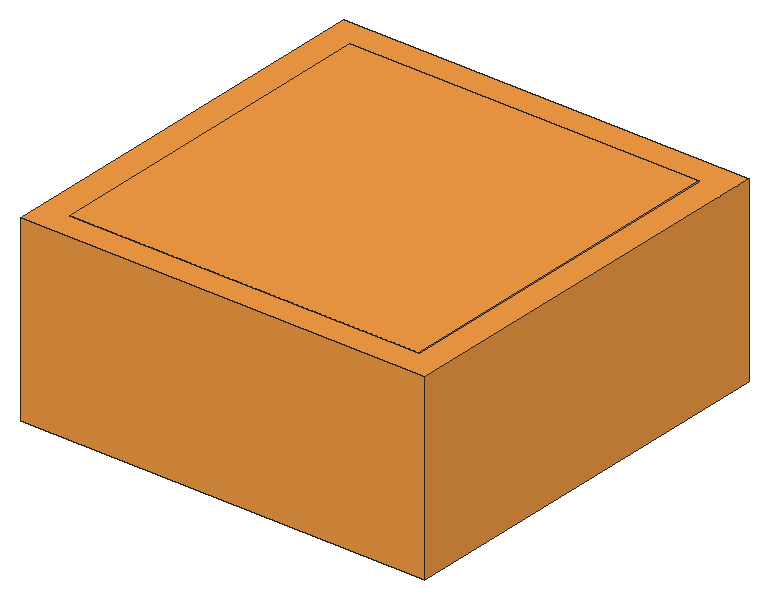
Revit family "Detector óptico_Aguilera Electronica", category Dispositivos de alarma de incendios, Revit 2019
Family settings
  Anfitrión = Cara
  Mantener orientación de anotación = Sí
  Cota de conector redondo = Diámetro de uso
  Tipo de pieza = Normal
  Número OmniClass = 23.85.30.21.11.11.11
  Título OmniClass = Smoke Detectors
  Corte con vacíos al cargar = No
  Compartido = No
  Punto de cálculo de habitación = No
Parameters (values of type "Detector óptico")
  Zona de acción 80 m2 = yes
  Zona de acción 60 m2 = yes
  Símbolo texto modelo = yes
  Suplemento para superficie = no
  Sirena = no
  R2 = D2 / 2  # 49 mm
  Foco = no
  D2 = 98 mm
  Avisador acústico = no
  Altura 3 = 15 mm
  Altura 2 = 1 mm
  URL = "http://aguilera.es/?productos=detector-optico"
  Modelo = "AE/SA-OP"
  Fabricante = "Aguilera Electrónica"  # constant formula
  Default Elevation = 0 mm
  Diámetro = 106 mm
  Descripción = "Detector de humos fabricado por AGUILERA ELECTRÓNICA según norma UNE EN 54-7, con certificado de\r\nconformidad CE y marca de calidad AENOR.\r\nUnidad algorítmica direccionable que gestiona un sensor óptico de humos. Su función es tomar medidas\r\nde la luz que dispersan las partículas de humo, evaluar su densidad y porcentaje de incremento en tiempo\r\ny enviar a la central una información ya analizada para que ésta tome la decisión de alarma siempre que\r\nse alcancen los parámetros programados para cada caso.\r\n• Tecnología compartida con la central.\r\n• Diseño de ventilación natural, que facilita la captación de humos lentos.\r\n• Ajuste automático de sensibilidad.\r\n• Autoaislador del equipo incorporado.\r\n• Salida para alarma remota.\r\n• Conexión a 2 hilos.\r\n• Alimentación: entre 18 y 27 Vcc. Consumo: 2 mA en reposo y 5 mA en alarma."  # constant formula
  Type Comments = ""
  Altura 1 = 43 mm
Types (11, lengths in mm): name | Suplemento para superficie | Sirena | R2 | Foco | D2 | Avisador acústico | Altura 2 | URL | Modelo | Type Comments
  (no name) | no | no | 49 | no | 98 | no | 1 | "http://aguilera.es/?productos=detector-optico" | "AE/SA-OP" | ""
  Detector óptico | no | no | 49 | no | 98 | no | 1 | "http://aguilera.es/?productos=detector-optico" | "AE/SA-OP" | ""
  Detector óptico con avisador acústico de alarma | no | no | 49 | no | 98 | yes | 1 | "http://aguilera.es/?productos=detector-optico-con-avisador-acustico-de-alarma" | "AE/SA-OPZ" | "Incorpora un avisador acústico que se activa en caso de alarma del\r\ndetector de humos o si así se ha programado en la central, con la alarma de cualquier equipo de su zona.\r\nIntensidad sonora 85 dB. Consumo máximo en alarma 13 mA."
  Detector óptico con zócalo | no | no | 49 | no | 98 | no | 18 | "http://aguilera.es/?productos=detector-optico" | "AE/SA-OP + AE/SA-ZB2" | "Zócalo fabricado en ABS por AGUILERA ELECTRÓNICA, reciclable con contactos arandelas y tuercas,\r\npara conexión de los cables, en acero inoxidable.\r\nPermiten el intercambio de todos los detectores algorítmicos."
  Detector óptico con avisador acústico de alarma con zócalo | no | no | 49 | no | 98 | yes | 1 | "http://aguilera.es/?productos=detector-optico-con-avisador-acustico-de-alarma" | "AE/SA-OPZ + AE/SA-ZB2" | "Incorpora un avisador acústico que se activa en caso de alarma del\r\ndetector de humos o si así se ha programado en la central, con la alarma de cualquier equipo de su zona.\r\nIntensidad sonora 85 dB. Consumo máximo en alarma 13 mA. Zócalo fabricado en ABS por AGUILERA ELECTRÓNICA, reciclable con contactos arandelas y tuercas,\r\npara conexión de los cables, en acero inoxidable.\r\nPermiten el intercambio de todos los detectores algorítmicos."
  Detector óptico con suplemento para superficie | yes | no | 49 | no | 98 | no | 30 | "http://aguilera.es/?productos=detector-optico" | "AE/SA-OP + AE/SA-ZS" | "Suplemento de montaje para tubo visto. Facilita la instalación permitiendo la entrada de 3 tubos de\r\n20mm.\r\nCompatible con todos los detectores algorítmicos. Fabricado en ABS."
  Detector óptico con avisador acústico de alarma con suplemento para superficie | yes | no | 53 | no | 106 | yes | 30 | "http://aguilera.es/?productos=detector-optico-con-avisador-acustico-de-alarma" | "AE/SA-OPZ + AE/SA-ZS" | "Incorpora un avisador acústico que se activa en caso de alarma del\r\ndetector de humos o si así se ha programado en la central, con la alarma de cualquier equipo de su zona.\r\nIntensidad sonora 85 dB. Consumo máximo en alarma 13 mA. Suplemento de montaje para tubo visto. Facilita la instalación permitiendo la entrada de 3 tubos de\r\n20mm.\r\nCompatible con todos los detectores algorítmicos. Fabricado en ABS."
  Detector óptico con base provista de sirena con foco | no | yes | 49 | yes | 98 | no | 30 | "http://aguilera.es/?productos=detector-optico" | "AE/SA-OP + AE/SA-ASG3" | "Base para detector algorítmico provista de sirena y foco luminoso de bajo consumo. La sirena y el foco se\r\nalimentan a 24 Vcc desde un modulo de salida vigilada de la central algorítmica.\r\nLa conexión del detector se realiza en los propios conectores del zócalo.\r\nConsumo máximo 10 mA\r\nNivel sonoro 90 dB(A)"
  Detector óptico con base provista de sirena | no | yes | 49 | no | 98 | no | 30 | "http://aguilera.es/?productos=detector-optico" | "AE/SA-OP + AE/SA-ASG3S" | "Base para detector algorítmico provista de sirena. La sirena se alimenta a 24 Vcc desde un modulo de salida\r\nvigilada de la central algorítmica.\r\nLa conexión del detector se realiza en los propios conectores del zócalo.\r\nConsumo máximo 5 mA\r\nNivel sonoro 90 dB(A)"
  Detector óptico con zócalo con aislador | no | no | 49 | no | 98 | no | 18 | "http://aguilera.es/?productos=detector-optico" | "AE/SA-OP + AE/SA-ZBA" | "Zócalo para detectores algorítmicos con circuito aislador bidireccional certificado EN 54-17, diseñado para\r\nser utilizado con las centrales de detección de incendio algorítmicas de AGUILERA ELECTRONICA.\r\nEl circuito aislador bidireccional incluido en el zócalo permite aislar cortocircuitos en el cableado del bucle\r\nde detección algorítmico, dejando fuera de servicio la zona afectada entre 2 aisladores para instalaciones\r\nrealizadas en bucle cerrado.\r\nEl circuito aislador incorpora las siguientes funciones:\r\n• Interruptor bidireccional, permite cortar el bucle de forma segura, sin provocar caídas de tensión cuando\r\nda continuidad.\r\n• Detector de tensión. Supervisa la tensión del bucle, impidiendo su funcionamiento hasta que la tensión\r\nno supera el límite inferior fijado.\r\n• Indicador luminoso, se activa cuando se detecta un corto en el bucle, o un consumo de corriente excesivo."
  Detector óptico con base con sirena bajo consumo | no | yes | 52 | no | 104 | no | 40 | "http://aguilera.es/?productos=detector-optico" | "AE/SA-OP + AE/SA-SB" | "El equipo AE/SA-SB es una sirena para conectar al bucle algorítmico, que dispone de las siguientes\r\ncaracterísticas:\r\n• Conexión a base de detectores de sistema algorítmico AE/SA-ZB2.\r\n• Incluye base para inserción de detectores algorítmicos de la serie SA de Aguilera:\r\nAE/SA-OP, AE/SA-OPT y AE/SA-T\r\n• Conexión a bucle algorítmico, ocupando 1 dirección. Totalmente programable como una salida\r\nindependiente, asociada al detector conectado a ella, a la zona o sector.\r\n• Generador de tono microprocesado, independiente de las comunicaciones.\r\n• Tonos NFS, ISO 8201 y BF.\r\n• Características acústicas:\r\n- Resonante piezoeléctrico con driver MOS-FET optimizado para conseguir mayor potencia\r\nacústica con un menor consumo.\r\n- Dos niveles de volumen, seleccionable por dilswitch.\r\n- 8 tonos acústicos seleccionables por dilswitch. Hasta 16 tonos disponibles.\r\n• Prueba de funcionamiento mediante selector en dilswitch.\r\n• Vigilancia de tensión de alimentación en bucle algorítmico, con indicación de avería por nivel\r\nbajo.\r\n• Led indicador de estado en bucle algorítmico.\r\n• Sirena certificada EN 54-3."
Reference planes
  plane 1 "Centro (Frontal/Posterior)": y = 0
  plane 2: z = 0
  plane 3 "Centro (Izquierda/Derecha)": x = 0
  plane 4: z = 59
  plane 5: z = 44
  plane 6: z = 1
Forms (mm)
  Extrusion 1, solid
    sketch origin (0, 0, 0) x (1, 0, 0) y (0, 1, 0)
      loop
        line (-1219.2, 1219.2) -> (-1219.2, -1219.2) -> (1219.2, -1219.2) -> (1219.2, 1219.2) -> (-1219.2, 1219.2)
    from 0 to -304.8
  Revolve 2, solid, material "Carcasa ABS"
    sketch origin (0, 0, 0) x (0, 1, 0) y (0, 0, 1)
      loop
        line (-21.457, 44) -> (-26.539, 44)
        arc (-26.539, 44) -> (-30.148, 39.927) -> (-34.221, 36.318) r 45.093
        arc (-34.221, 36.318) -> (-47.351, 20.648) -> (-53, 1) r 49.329
        line (-53, 1) -> (-48.889, 1)
        arc (-48.889, 1) -> (-43.662, 18.852) -> (-31.692, 33.091) r 45.229
        arc (-31.692, 33.091) -> (-26.158, 38.154) -> (-21.457, 44) r 49.193
      axis (0, 44) -> (0, 1)
    angle from 0 to 360
  Extrusion 3, solid, material "Carcasa ABS", detail levels fine
    sketch origin (0, 0, 0) x (1, 0, 0) y (0, 1, 0)
      loop
        circle (0, 0) r 22.524
    from 57.409 to 59
  Extrusion 4, solid, material "Carcasa ABS", detail levels fine
    sketch origin (0, 0, 0) x (0, 1, 0) y (0, 0, 1)
      loop
        line (-22.453, 59) -> (-24.077, 59)
        arc (-24.077, 59) -> (-23.775, 51.255) -> (-26.5, 44) r 19.584
        line (-26.5, 44) -> (-22.453, 44) -> (-22.453, 59)
    from -0.5 to 0.5
  Extrusion 5, solid, material "Carcasa ABS", detail levels fine
    sketch origin (0, 0, 0) x (-0.173648, 0.984808, 0) y (0, 0, 1)
      loop
        line (-22.453, 59) -> (-24.077, 59)
        arc (-24.077, 59) -> (-23.977, 51.425) -> (-26.746, 44.373) r 19.674
        line (-26.746, 44.373) -> (-22.453, 44.373) -> (-22.453, 59)
    from -0.5 to 0.5
  Extrusion 6, solid, material "Carcasa ABS", detail levels fine
    sketch origin (0, 0, 0) x (-0.34202, 0.939693, 0) y (0, 0, 1)
      loop
        line (-22.453, 59) -> (-24.077, 59)
        arc (-24.077, 59) -> (-23.977, 51.425) -> (-26.746, 44.373) r 19.674
        line (-26.746, 44.373) -> (-22.453, 44.373) -> (-22.453, 59)
    from -0.5 to 0.5
  Extrusion 7, solid, material "Carcasa ABS", detail levels fine
    sketch origin (0, 0, 0) x (-0.5, 0.866025, 0) y (0, 0, 1)
      loop
        line (-22.453, 57.409) -> (-23.76, 57.409)
        arc (-23.76, 57.409) -> (-23.921, 50.457) -> (-26.5, 44) r 19.584
        line (-26.5, 44) -> (-22.453, 44) -> (-22.453, 57.409)
    from -0.5 to 0.5
  Extrusion 8, solid, material "Carcasa ABS", detail levels fine
    sketch origin (0, 0, 0) x (-0.5, 0.866025, 0) y (0, 0, 1)
      loop
        line (-22.453, 59) -> (-24.077, 59)
        arc (-24.077, 59) -> (-23.977, 51.425) -> (-26.746, 44.373) r 19.674
        line (-26.746, 44.373) -> (-22.453, 44.373) -> (-22.453, 59)
    from -0.5 to 0.5
  Extrusion 9, solid, material "Carcasa ABS", detail levels fine
    sketch origin (0, 0, 0) x (-0.642788, 0.766044, 0) y (0, 0, 1)
      loop
        line (-22.453, 59) -> (-24.077, 59)
        arc (-24.077, 59) -> (-23.977, 51.425) -> (-26.746, 44.373) r 19.674
        line (-26.746, 44.373) -> (-22.453, 44.373) -> (-22.453, 59)
    from -0.5 to 0.5
  Extrusion 10, solid, material "Carcasa ABS", detail levels fine
    sketch origin (0, 0, 0) x (-0.766044, 0.642788, 0) y (0, 0, 1)
      loop
        line (-22.453, 59) -> (-24.077, 59)
        arc (-24.077, 59) -> (-23.977, 51.425) -> (-26.746, 44.373) r 19.674
        line (-26.746, 44.373) -> (-22.453, 44.373) -> (-22.453, 59)
    from -0.5 to 0.5
  Extrusion 11, solid, material "Carcasa ABS", detail levels fine
    sketch origin (0, 0, 0) x (-0.866025, 0.5, 0) y (0, 0, 1)
      loop
        line (-22.453, 59) -> (-24.092, 59)
        arc (-24.092, 59) -> (-23.991, 51.428) -> (-26.759, 44.38) r 19.661
        line (-26.759, 44.38) -> (-22.453, 44.38) -> (-22.453, 59)
    from -0.5 to 0.5
  Extrusion 12, solid, material "Carcasa ABS", detail levels fine
    sketch origin (0, 0, 0) x (-0.939693, 0.34202, 0) y (0, 0, 1)
      loop
        line (-22.453, 59) -> (-24.077, 59)
        arc (-24.077, 59) -> (-23.977, 51.425) -> (-26.746, 44.373) r 19.674
        line (-26.746, 44.373) -> (-22.453, 44.373) -> (-22.453, 59)
    from -0.5 to 0.5
  Extrusion 13, solid, material "Carcasa ABS", detail levels fine
    sketch origin (0, 0, 0) x (-0.984808, 0.173648, 0) y (0, 0, 1)
      loop
        line (-22.453, 59) -> (-24.077, 59)
        arc (-24.077, 59) -> (-23.977, 51.425) -> (-26.746, 44.373) r 19.674
        line (-26.746, 44.373) -> (-22.453, 44.373) -> (-22.453, 59)
    from -0.5 to 0.5
  Extrusion 14, solid, material "Carcasa ABS", detail levels fine
    sketch origin (0, 0, 0) x (-1, 0, 0) y (0, 0, 1)
      loop
        line (-22.453, 59) -> (-24.099, 59)
        arc (-24.099, 59) -> (-23.998, 51.43) -> (-26.765, 44.384) r 19.654
        line (-26.765, 44.384) -> (-22.453, 44.384) -> (-22.453, 59)
    from -0.5 to 0.5
  Extrusion 15, solid, material "Carcasa ABS", detail levels fine
    sketch origin (0, 0, 0) x (0, -1, 0) y (0, 0, -1)
      loop
        line (-22.453, -59) -> (-22.453, -44.373) -> (-26.746, -44.373)
        arc (-26.746, -44.373) -> (-23.977, -51.425) -> (-24.077, -59) r 19.674
        line (-24.077, -59) -> (-22.453, -59)
    from -0.5 to 0.5
  Extrusion 16, solid, material "Carcasa ABS", detail levels fine
    sketch origin (0, 0, 0) x (-0.173648, -0.984808, 0) y (0, 0, -1)
      loop
        line (-22.453, -59) -> (-22.453, -44.373) -> (-26.746, -44.373)
        arc (-26.746, -44.373) -> (-23.977, -51.425) -> (-24.077, -59) r 19.674
        line (-24.077, -59) -> (-22.453, -59)
    from -0.5 to 0.5
  Extrusion 17, solid, material "Carcasa ABS", detail levels fine
    sketch origin (0, 0, 0) x (-0.34202, -0.939693, 0) y (0, 0, -1)
      loop
        line (-22.453, -59) -> (-22.453, -44.373) -> (-26.746, -44.373)
        arc (-26.746, -44.373) -> (-23.977, -51.425) -> (-24.077, -59) r 19.674
        line (-24.077, -59) -> (-22.453, -59)
    from -0.5 to 0.5
  Extrusion 18, solid, material "Carcasa ABS", detail levels fine
    sketch origin (0, 0, 0) x (-0.5, -0.866025, 0) y (0, 0, -1)
      loop
        line (-22.453, -57.409) -> (-22.453, -44) -> (-26.5, -44)
        arc (-26.5, -44) -> (-23.921, -50.457) -> (-23.76, -57.409) r 19.584
        line (-23.76, -57.409) -> (-22.453, -57.409)
    from -0.5 to 0.5
  Extrusion 19, solid, material "Carcasa ABS", detail levels fine
    sketch origin (0, 0, 0) x (-0.5, -0.866025, 0) y (0, 0, -1)
      loop
        line (-22.453, -59) -> (-22.453, -44.373) -> (-26.746, -44.373)
        arc (-26.746, -44.373) -> (-23.977, -51.425) -> (-24.077, -59) r 19.674
        line (-24.077, -59) -> (-22.453, -59)
    from -0.5 to 0.5
  Extrusion 20, solid, material "Carcasa ABS", detail levels fine
    sketch origin (0, 0, 0) x (-0.642788, -0.766044, 0) y (0, 0, -1)
      loop
        line (-22.453, -59) -> (-22.453, -44.373) -> (-26.746, -44.373)
        arc (-26.746, -44.373) -> (-23.977, -51.425) -> (-24.077, -59) r 19.674
        line (-24.077, -59) -> (-22.453, -59)
    from -0.5 to 0.5
  Extrusion 21, solid, material "Carcasa ABS", detail levels fine
    sketch origin (0, 0, 0) x (-0.766044, -0.642788, 0) y (0, 0, -1)
      loop
        line (-22.453, -59) -> (-22.453, -44.373) -> (-26.746, -44.373)
        arc (-26.746, -44.373) -> (-23.977, -51.425) -> (-24.077, -59) r 19.674
        line (-24.077, -59) -> (-22.453, -59)
    from -0.5 to 0.5
  Extrusion 22, solid, material "Carcasa ABS", detail levels fine
    sketch origin (0, 0, 0) x (-0.866025, -0.5, 0) y (0, 0, -1)
      loop
        line (-22.453, -59) -> (-22.453, -44.369) -> (-26.74, -44.369)
        arc (-26.74, -44.369) -> (-23.97, -51.423) -> (-24.07, -59) r 19.681
        line (-24.07, -59) -> (-22.453, -59)
    from -0.5 to 0.5
  Extrusion 23, solid, material "Carcasa ABS", detail levels fine
    sketch origin (0, 0, 0) x (-0.939693, -0.34202, 0) y (0, 0, -1)
      loop
        line (-22.453, -59) -> (-22.453, -44.373) -> (-26.746, -44.373)
        arc (-26.746, -44.373) -> (-23.977, -51.425) -> (-24.077, -59) r 19.674
        line (-24.077, -59) -> (-22.453, -59)
    from -0.5 to 0.5
  Extrusion 24, solid, material "Carcasa ABS", detail levels fine
    sketch origin (0, 0, 0) x (-0.984808, -0.173648, 0) y (0, 0, -1)
      loop
        line (-22.453, -59) -> (-22.453, -44.373) -> (-26.746, -44.373)
        arc (-26.746, -44.373) -> (-23.977, -51.425) -> (-24.077, -59) r 19.674
        line (-24.077, -59) -> (-22.453, -59)
    from -0.5 to 0.5
  Extrusion 25, solid, material "Carcasa ABS", detail levels fine
    sketch origin (0, 0, 0) x (0.173648, 0.984808, 0) y (0, 0, -1)
      loop
        line (-22.453, -59) -> (-22.453, -44.373) -> (-26.746, -44.373)
        arc (-26.746, -44.373) -> (-23.977, -51.425) -> (-24.077, -59) r 19.674
        line (-24.077, -59) -> (-22.453, -59)
    from -0.5 to 0.5
  Extrusion 26, solid, material "Carcasa ABS", detail levels fine
    sketch origin (0, 0, 0) x (0.34202, 0.939693, 0) y (0, 0, -1)
      loop
        line (-22.453, -59) -> (-22.453, -44.373) -> (-26.746, -44.373)
        arc (-26.746, -44.373) -> (-23.977, -51.425) -> (-24.077, -59) r 19.674
        line (-24.077, -59) -> (-22.453, -59)
    from -0.5 to 0.5
  Extrusion 27, solid, material "Carcasa ABS", detail levels fine
    sketch origin (0, 0, 0) x (0.5, 0.866025, 0) y (0, 0, -1)
      loop
        line (-22.453, -57.409) -> (-22.453, -44) -> (-26.5, -44)
        arc (-26.5, -44) -> (-23.921, -50.457) -> (-23.76, -57.409) r 19.584
        line (-23.76, -57.409) -> (-22.453, -57.409)
    from -0.5 to 0.5
  Extrusion 28, solid, material "Carcasa ABS", detail levels fine
    sketch origin (0, 0, 0) x (0.5, 0.866025, 0) y (0, 0, -1)
      loop
        line (-22.453, -59) -> (-22.453, -44.373) -> (-26.746, -44.373)
        arc (-26.746, -44.373) -> (-23.977, -51.425) -> (-24.077, -59) r 19.674
        line (-24.077, -59) -> (-22.453, -59)
    from -0.5 to 0.5
  Extrusion 29, solid, material "Carcasa ABS", detail levels fine
    sketch origin (0, 0, 0) x (0.642788, 0.766044, 0) y (0, 0, -1)
      loop
        line (-22.453, -59) -> (-22.453, -44.373) -> (-26.746, -44.373)
        arc (-26.746, -44.373) -> (-23.977, -51.425) -> (-24.077, -59) r 19.674
        line (-24.077, -59) -> (-22.453, -59)
    from -0.5 to 0.5
  Extrusion 30, solid, material "Carcasa ABS", detail levels fine
    sketch origin (0, 0, 0) x (0.766044, 0.642788, 0) y (0, 0, -1)
      loop
        line (-22.453, -59) -> (-22.453, -44.373) -> (-26.746, -44.373)
        arc (-26.746, -44.373) -> (-23.977, -51.425) -> (-24.077, -59) r 19.674
        line (-24.077, -59) -> (-22.453, -59)
    from -0.5 to 0.5
  Extrusion 31, solid, material "Carcasa ABS", detail levels fine
    sketch origin (0, 0, 0) x (0.866025, 0.5, 0) y (0, 0, -1)
      loop
        line (-22.453, -59) -> (-22.453, -44.373) -> (-26.746, -44.373)
        arc (-26.746, -44.373) -> (-23.977, -51.425) -> (-24.077, -59) r 19.674
        line (-24.077, -59) -> (-22.453, -59)
    from -0.5 to 0.5
  Extrusion 32, solid, material "Carcasa ABS", detail levels fine
    sketch origin (0, 0, 0) x (0.939693, 0.34202, 0) y (0, 0, -1)
      loop
        line (-22.453, -59) -> (-22.453, -44.373) -> (-26.746, -44.373)
        arc (-26.746, -44.373) -> (-23.977, -51.425) -> (-24.077, -59) r 19.674
        line (-24.077, -59) -> (-22.453, -59)
    from -0.5 to 0.5
  Extrusion 33, solid, material "Carcasa ABS", detail levels fine
    sketch origin (0, 0, 0) x (0.984808, 0.173648, 0) y (0, 0, -1)
      loop
        line (-22.453, -59) -> (-22.453, -44.373) -> (-26.746, -44.373)
        arc (-26.746, -44.373) -> (-23.977, -51.425) -> (-24.077, -59) r 19.674
        line (-24.077, -59) -> (-22.453, -59)
    from -0.5 to 0.5
  Extrusion 34, solid, material "Carcasa ABS", detail levels fine
    sketch origin (0, 0, 0) x (1, 0, 0) y (0, 0, -1)
      loop
        line (-22.453, -59) -> (-22.453, -44.373) -> (-26.746, -44.373)
        arc (-26.746, -44.373) -> (-23.977, -51.425) -> (-24.077, -59) r 19.674
        line (-24.077, -59) -> (-22.453, -59)
    from -0.5 to 0.5
  Extrusion 35, solid, material "Carcasa ABS", detail levels fine
    sketch origin (0, 0, 0) x (0.173648, -0.984808, 0) y (0, 0, 1)
      loop
        line (-22.453, 59) -> (-24.077, 59)
        arc (-24.077, 59) -> (-23.977, 51.425) -> (-26.746, 44.373) r 19.674
        line (-26.746, 44.373) -> (-22.453, 44.373) -> (-22.453, 59)
    from -0.5 to 0.5
  Extrusion 36, solid, material "Carcasa ABS", detail levels fine
    sketch origin (0, 0, 0) x (0.34202, -0.939693, 0) y (0, 0, 1)
      loop
        line (-22.453, 59) -> (-24.077, 59)
        arc (-24.077, 59) -> (-23.977, 51.425) -> (-26.746, 44.373) r 19.674
        line (-26.746, 44.373) -> (-22.453, 44.373) -> (-22.453, 59)
    from -0.5 to 0.5
  Extrusion 37, solid, material "Carcasa ABS", detail levels fine
    sketch origin (0, 0, 0) x (0.5, -0.866025, 0) y (0, 0, 1)
      loop
        line (-22.453, 57.409) -> (-23.76, 57.409)
        arc (-23.76, 57.409) -> (-23.921, 50.457) -> (-26.5, 44) r 19.584
        line (-26.5, 44) -> (-22.453, 44) -> (-22.453, 57.409)
    from -0.5 to 0.5
  Extrusion 38, solid, material "Carcasa ABS", detail levels fine
    sketch origin (0, 0, 0) x (0.5, -0.866025, 0) y (0, 0, 1)
      loop
        line (-22.453, 59) -> (-24.077, 59)
        arc (-24.077, 59) -> (-23.977, 51.425) -> (-26.746, 44.373) r 19.674
        line (-26.746, 44.373) -> (-22.453, 44.373) -> (-22.453, 59)
    from -0.5 to 0.5
  Extrusion 39, solid, material "Carcasa ABS", detail levels fine
    sketch origin (0, 0, 0) x (0.642788, -0.766044, 0) y (0, 0, 1)
      loop
        line (-22.453, 59) -> (-24.077, 59)
        arc (-24.077, 59) -> (-23.977, 51.425) -> (-26.746, 44.373) r 19.674
        line (-26.746, 44.373) -> (-22.453, 44.373) -> (-22.453, 59)
    from -0.5 to 0.5
  Extrusion 40, solid, material "Carcasa ABS", detail levels fine
    sketch origin (0, 0, 0) x (0.766044, -0.642788, 0) y (0, 0, 1)
      loop
        line (-22.453, 59) -> (-24.098, 59)
        arc (-24.098, 59) -> (-23.996, 51.43) -> (-26.764, 44.383) r 19.656
        line (-26.764, 44.383) -> (-22.453, 44.383) -> (-22.453, 59)
    from -0.5 to 0.5
  Extrusion 41, solid, material "Carcasa ABS", detail levels fine
    sketch origin (0, 0, 0) x (0.866025, -0.5, 0) y (0, 0, 1)
      loop
        line (-22.453, 59) -> (-24.077, 59)
        arc (-24.077, 59) -> (-23.977, 51.425) -> (-26.746, 44.373) r 19.674
        line (-26.746, 44.373) -> (-22.453, 44.373) -> (-22.453, 59)
    from -0.5 to 0.5
  Extrusion 42, solid, material "Carcasa ABS", detail levels fine
    sketch origin (0, 0, 0) x (0.939693, -0.34202, 0) y (0, 0, 1)
      loop
        line (-22.453, 59) -> (-24.077, 59)
        arc (-24.077, 59) -> (-23.977, 51.425) -> (-26.746, 44.373) r 19.674
        line (-26.746, 44.373) -> (-22.453, 44.373) -> (-22.453, 59)
    from -0.5 to 0.5
  Extrusion 43, solid, material "Carcasa ABS", detail levels fine
    sketch origin (0, 0, 0) x (0.984808, -0.173648, 0) y (0, 0, 1)
      loop
        line (-22.453, 59) -> (-24.077, 59)
        arc (-24.077, 59) -> (-23.977, 51.425) -> (-26.746, 44.373) r 19.674
        line (-26.746, 44.373) -> (-22.453, 44.373) -> (-22.453, 59)
    from -0.5 to 0.5
  Revolve 44, solid, material "Carcasa ABS", detail levels medium+fine
    sketch origin (0, 0, 0) x (0, 1, 0) y (0, 0, 1)
      loop
        line (-49, 1) -> (-49, 0) -> (0, 0) -> (0, 1) -> (-49, 1)
      axis (0, 1) -> (0, 0)
    angle from 0 to 360
  Extrusion 45, solid, material "Carcasa ABS", visible <- "Suplemento para superficie", detail levels medium+fine
    sketch origin (0, 0, 0) x (0, 1, 0) y (0, 0, 1)
      loop
        circle (0, -13.675) r 10
    from 48.382 to 52.012
  Extrusion 46, solid, material "Carcasa ABS", visible <- "Suplemento para superficie", detail levels medium+fine
    sketch origin (0, 0, 0) x (-1, 0, 0) y (0, 0, 1)
      loop
        circle (0, -13.675) r 10
    from 48.382 to 52.012
  Extrusion 47, solid, material "Carcasa ABS", visible <- "Suplemento para superficie", detail levels medium+fine
    sketch origin (0, 0, 0) x (0, 1, 0) y (0, 0, -1)
      loop
        circle (0, 13.675) r 10
    from 48.382 to 52.012
  Revolve 48, solid, material "Cristal", visible <- "Foco", detail levels medium+fine
    sketch origin (0, 0, 0) x (0, 1, 0) y (0, 0, 1)
      loop
        arc (-55.821, 1) -> (-55.471, 0.487) -> (-55.085, 0) r 8.783
        line (-55.085, 0) -> (0, 0) -> (0, 1) -> (-55.821, 1)
      axis (0, 1) -> (0, 0)
    angle from 0 to 360
  Revolve 49, solid, material "Carcasa ABS", visible <- "Sirena"
    sketch origin (0, 0, 0) x (0, 1, 0) y (0, 0, 1)
      loop
        line (0, 1) -> (-55.154, 1) -> (-55.154, 0) -> (0, 0) -> (0, 1)
      axis (0, 1) -> (0, 0)
    angle from 0 to 360
  Extrusion 50, solid, material "Zona de acción", visible <- "Zona de acción 80 m2"
    sketch origin (-3703.865, 3705, 0) x (1, 0, 0) y (0, 1, 0)
      loop
        line (-746.135, -8155) -> (8153.865, -8155) -> (8153.865, 745) -> (-746.135, 745) -> (-746.135, -8155)
    from 0 to 4000
  Extrusion 51, solid, material "Zona de acción", visible <- "Zona de acción 60 m2"
    sketch origin (-4303.865, 3105, 0) x (1, 0, 0) y (0, 1, 0)
      loop
        line (453.865, -6955) -> (8153.865, -6955) -> (8153.865, 745) -> (453.865, 745) -> (453.865, -6955)
    from 0 to 4000
Dimensions and locks
  locked: Extrusion 3 to Extrusion 3 at 1.591
  "Altura 2": plane 6 to Extrusion 1
  "Altura 1": plane 5 to plane 6
  "Altura 3": plane 4 to plane 5
  "R2": Revolve 44 sketch curve to plane 1 "Centro (Frontal/Posterior)"
  aligned and locked: plane 2 to Extrusion 1
  aligned and locked: level to Extrusion 1
  aligned and locked: plane 4 to Extrusion 3
  aligned and locked: plane 1 "Centro (Frontal/Posterior)" to Revolve 2 sketch curve
  aligned and locked: plane 6 to Revolve 2 sketch curve
  aligned and locked: plane 5 to Revolve 2 sketch curve
  aligned and locked: Revolve 2 to Revolve 44 sketch curve
  aligned and locked: Extrusion 1 to Revolve 44 sketch curve
  aligned and locked: plane 1 "Centro (Frontal/Posterior)" to Revolve 44 sketch curve  (x2)
  aligned and locked: Revolve 48 sketch curve to plane 6
  aligned and locked: Revolve 49 sketch curve to level
  aligned and locked: plane 6 to Revolve 49 sketch curve
  aligned and locked: plane 1 "Centro (Frontal/Posterior)" to Revolve 49 sketch curve
  aligned and locked: level to Revolve 48 sketch curve
Automatic sketch dimensions
  Extrusion 1 sketch curve to Extrusion 1 sketch curve = 2438.4 mm  (x2)
  Revolve 2 sketch curve to Revolve 2 sketch curve = 0 mm  (x4)
  plane 1 "Centro (Frontal/Posterior)" to Revolve 2 sketch curve = 3.796 mm
  plane 1 "Centro (Frontal/Posterior)" to Revolve 2 sketch curve = 21.457 mm
  Revolve 2 sketch curve to Revolve 2 sketch curve = 5.082 mm
  Revolve 2 sketch curve to Revolve 2 sketch curve = 45.092 mm
  Revolve 2 sketch curve to Revolve 2 sketch curve = 4.111 mm
  plane 4 to Revolve 2 sketch curve = 12.813 mm
  Revolve 2 sketch curve to Revolve 2 sketch curve = 35.495 mm
  Revolve 2 sketch curve to plane 6 = 3.511 mm
  Revolve 2 sketch curve to level = 12 mm
  Revolve 2 sketch curve to plane 5 = 17.554 mm
  plane 1 "Centro (Frontal/Posterior)" to Extrusion 3 sketch curve = 0 mm
  Extrusion 3 sketch curve to plane 3 "Centro (Izquierda/Derecha)" = 0 mm
  Extrusion 4 sketch curve to plane 5 = 0 mm
  Extrusion 4 sketch curve to plane 4 = 0 mm
  Extrusion 4 sketch curve to plane 4 = 4.622 mm
  plane 1 "Centro (Frontal/Posterior)" to Extrusion 4 sketch curve = 43.109 mm
  Extrusion 4 sketch curve to Extrusion 4 sketch curve = 16.609 mm
  Extrusion 4 sketch curve to Extrusion 4 sketch curve = 4.047 mm
  plane 4 to Extrusion 5 sketch curve = 0 mm
  Extrusion 5 sketch curve to plane 4 = 4.044 mm
  plane 5 to Extrusion 5 sketch curve = 0.373 mm
  Extrusion 5 sketch curve to Extrusion 5 sketch curve = 16.585 mm
  Extrusion 5 sketch curve to Extrusion 5 sketch curve = 4.293 mm
  plane 4 to Extrusion 6 sketch curve = 0 mm
  Extrusion 6 sketch curve to plane 4 = 4.044 mm
  plane 5 to Extrusion 6 sketch curve = 0.373 mm
  Extrusion 6 sketch curve to Extrusion 6 sketch curve = 16.585 mm
  Extrusion 6 sketch curve to Extrusion 6 sketch curve = 4.293 mm
  plane 5 to Extrusion 7 sketch curve = 0 mm
  Extrusion 7 sketch curve to plane 4 = 4.622 mm
  Extrusion 7 sketch curve to Extrusion 7 sketch curve = 16.609 mm
  Extrusion 7 sketch curve to plane 4 = 1.591 mm
  Extrusion 7 sketch curve to Extrusion 7 sketch curve = 4.047 mm
  plane 4 to Extrusion 8 sketch curve = 0 mm
  Extrusion 8 sketch curve to plane 4 = 4.044 mm
  plane 5 to Extrusion 8 sketch curve = 0.373 mm
  Extrusion 8 sketch curve to Extrusion 8 sketch curve = 16.585 mm
  Extrusion 8 sketch curve to Extrusion 8 sketch curve = 4.293 mm
  plane 4 to Extrusion 9 sketch curve = 0 mm
  Extrusion 9 sketch curve to plane 4 = 4.044 mm
  plane 5 to Extrusion 9 sketch curve = 0.373 mm
  Extrusion 9 sketch curve to Extrusion 9 sketch curve = 16.585 mm
  Extrusion 9 sketch curve to Extrusion 9 sketch curve = 4.293 mm
  plane 4 to Extrusion 10 sketch curve = 0 mm
  Extrusion 10 sketch curve to plane 4 = 4.044 mm
  plane 5 to Extrusion 10 sketch curve = 0.373 mm
  Extrusion 10 sketch curve to Extrusion 10 sketch curve = 16.585 mm
  Extrusion 10 sketch curve to Extrusion 10 sketch curve = 4.293 mm
  plane 4 to Extrusion 11 sketch curve = 0 mm
  Extrusion 11 sketch curve to plane 4 = 4.043 mm
  plane 5 to Extrusion 11 sketch curve = 0.38 mm
  Extrusion 11 sketch curve to Extrusion 11 sketch curve = 16.574 mm
  Extrusion 11 sketch curve to Extrusion 11 sketch curve = 4.305 mm
  plane 4 to Extrusion 12 sketch curve = 0 mm
  Extrusion 12 sketch curve to plane 4 = 4.044 mm
  plane 5 to Extrusion 12 sketch curve = 0.373 mm
  Extrusion 12 sketch curve to Extrusion 12 sketch curve = 16.585 mm
  Extrusion 12 sketch curve to Extrusion 12 sketch curve = 4.293 mm
  plane 4 to Extrusion 13 sketch curve = 0 mm
  Extrusion 13 sketch curve to plane 4 = 4.044 mm
  plane 5 to Extrusion 13 sketch curve = 0.373 mm
  Extrusion 13 sketch curve to Extrusion 13 sketch curve = 16.585 mm
  Extrusion 13 sketch curve to Extrusion 13 sketch curve = 4.293 mm
  Extrusion 14 sketch curve to plane 4 = 0 mm
  Extrusion 14 sketch curve to plane 4 = 4.043 mm
  plane 3 "Centro (Izquierda/Derecha)" to Extrusion 14 sketch curve = 43.333 mm
  plane 5 to Extrusion 14 sketch curve = 0.384 mm
  Extrusion 14 sketch curve to Extrusion 14 sketch curve = 16.568 mm
  Extrusion 14 sketch curve to Extrusion 14 sketch curve = 4.312 mm
  Extrusion 15 sketch curve to plane 4 = 0 mm
  plane 4 to Extrusion 15 sketch curve = 4.044 mm
  plane 1 "Centro (Frontal/Posterior)" to Extrusion 15 sketch curve = 43.332 mm
  Extrusion 15 sketch curve to plane 5 = 0.373 mm
  Extrusion 15 sketch curve to Extrusion 15 sketch curve = 16.585 mm
  Extrusion 15 sketch curve to Extrusion 15 sketch curve = 4.293 mm
  Extrusion 16 sketch curve to plane 4 = 0 mm
  Extrusion 16 sketch curve to plane 4 = 4.044 mm
  plane 5 to Extrusion 16 sketch curve = 0.373 mm
  Extrusion 16 sketch curve to Extrusion 16 sketch curve = 16.585 mm
  Extrusion 16 sketch curve to Extrusion 16 sketch curve = 4.293 mm
  Extrusion 17 sketch curve to plane 4 = 0 mm
  Extrusion 17 sketch curve to plane 4 = 4.044 mm
  plane 5 to Extrusion 17 sketch curve = 0.373 mm
  Extrusion 17 sketch curve to Extrusion 17 sketch curve = 16.585 mm
  Extrusion 17 sketch curve to Extrusion 17 sketch curve = 4.293 mm
  Extrusion 18 sketch curve to plane 5 = 0 mm
  Extrusion 18 sketch curve to plane 4 = 4.622 mm
  Extrusion 18 sketch curve to Extrusion 18 sketch curve = 16.609 mm
  Extrusion 18 sketch curve to plane 4 = 1.591 mm
  Extrusion 18 sketch curve to Extrusion 18 sketch curve = 4.047 mm
  Extrusion 19 sketch curve to plane 4 = 0 mm
  Extrusion 19 sketch curve to plane 4 = 4.044 mm
  plane 5 to Extrusion 19 sketch curve = 0.373 mm
  Extrusion 19 sketch curve to Extrusion 19 sketch curve = 16.585 mm
  Extrusion 19 sketch curve to Extrusion 19 sketch curve = 4.293 mm
  Extrusion 20 sketch curve to plane 4 = 0 mm
  Extrusion 20 sketch curve to plane 4 = 4.044 mm
  plane 5 to Extrusion 20 sketch curve = 0.373 mm
  Extrusion 20 sketch curve to Extrusion 20 sketch curve = 16.585 mm
  Extrusion 20 sketch curve to Extrusion 20 sketch curve = 4.293 mm
  Extrusion 21 sketch curve to plane 4 = 0 mm
  Extrusion 21 sketch curve to plane 4 = 4.044 mm
  plane 5 to Extrusion 21 sketch curve = 0.373 mm
  Extrusion 21 sketch curve to Extrusion 21 sketch curve = 16.585 mm
  Extrusion 21 sketch curve to Extrusion 21 sketch curve = 4.293 mm
  Extrusion 22 sketch curve to plane 4 = 0 mm
  Extrusion 22 sketch curve to plane 4 = 4.044 mm
  plane 5 to Extrusion 22 sketch curve = 0.369 mm
  Extrusion 22 sketch curve to Extrusion 22 sketch curve = 16.591 mm
  Extrusion 22 sketch curve to Extrusion 22 sketch curve = 4.287 mm
  Extrusion 23 sketch curve to plane 4 = 0 mm
  Extrusion 23 sketch curve to plane 4 = 4.044 mm
  plane 5 to Extrusion 23 sketch curve = 0.373 mm
  Extrusion 23 sketch curve to Extrusion 23 sketch curve = 16.585 mm
  Extrusion 23 sketch curve to Extrusion 23 sketch curve = 4.293 mm
  Extrusion 24 sketch curve to plane 4 = 0 mm
  Extrusion 24 sketch curve to plane 4 = 4.044 mm
  plane 5 to Extrusion 24 sketch curve = 0.373 mm
  Extrusion 24 sketch curve to Extrusion 24 sketch curve = 16.585 mm
  Extrusion 24 sketch curve to Extrusion 24 sketch curve = 4.293 mm
  plane 4 to Extrusion 25 sketch curve = 0 mm
  Extrusion 25 sketch curve to plane 4 = 4.044 mm
  plane 5 to Extrusion 25 sketch curve = 0.373 mm
  Extrusion 25 sketch curve to Extrusion 25 sketch curve = 16.585 mm
  Extrusion 25 sketch curve to Extrusion 25 sketch curve = 4.293 mm
  plane 4 to Extrusion 26 sketch curve = 0 mm
  Extrusion 26 sketch curve to plane 4 = 4.044 mm
  plane 5 to Extrusion 26 sketch curve = 0.373 mm
  Extrusion 26 sketch curve to Extrusion 26 sketch curve = 16.585 mm
  Extrusion 26 sketch curve to Extrusion 26 sketch curve = 4.293 mm
  plane 5 to Extrusion 27 sketch curve = 0 mm
  Extrusion 27 sketch curve to plane 4 = 4.622 mm
  Extrusion 27 sketch curve to Extrusion 27 sketch curve = 16.609 mm
  Extrusion 27 sketch curve to plane 4 = 1.591 mm
  Extrusion 27 sketch curve to Extrusion 27 sketch curve = 4.047 mm
  plane 4 to Extrusion 28 sketch curve = 0 mm
  Extrusion 28 sketch curve to plane 4 = 4.044 mm
  plane 5 to Extrusion 28 sketch curve = 0.373 mm
  Extrusion 28 sketch curve to Extrusion 28 sketch curve = 16.585 mm
  Extrusion 28 sketch curve to Extrusion 28 sketch curve = 4.293 mm
  plane 4 to Extrusion 29 sketch curve = 0 mm
  Extrusion 29 sketch curve to plane 4 = 4.044 mm
  plane 5 to Extrusion 29 sketch curve = 0.373 mm
  Extrusion 29 sketch curve to Extrusion 29 sketch curve = 16.585 mm
  Extrusion 29 sketch curve to Extrusion 29 sketch curve = 4.293 mm
  plane 4 to Extrusion 30 sketch curve = 0 mm
  Extrusion 30 sketch curve to plane 4 = 4.044 mm
  plane 5 to Extrusion 30 sketch curve = 0.373 mm
  Extrusion 30 sketch curve to Extrusion 30 sketch curve = 16.585 mm
  Extrusion 30 sketch curve to Extrusion 30 sketch curve = 4.293 mm
  plane 4 to Extrusion 31 sketch curve = 0 mm
  Extrusion 31 sketch curve to plane 4 = 4.044 mm
  plane 5 to Extrusion 31 sketch curve = 0.373 mm
  Extrusion 31 sketch curve to Extrusion 31 sketch curve = 16.585 mm
  Extrusion 31 sketch curve to Extrusion 31 sketch curve = 4.293 mm
  plane 4 to Extrusion 32 sketch curve = 0 mm
  Extrusion 32 sketch curve to plane 4 = 4.044 mm
  plane 5 to Extrusion 32 sketch curve = 0.373 mm
  Extrusion 32 sketch curve to Extrusion 32 sketch curve = 16.585 mm
  Extrusion 32 sketch curve to Extrusion 32 sketch curve = 4.293 mm
  plane 4 to Extrusion 33 sketch curve = 0 mm
  Extrusion 33 sketch curve to plane 4 = 4.044 mm
  plane 5 to Extrusion 33 sketch curve = 0.373 mm
  Extrusion 33 sketch curve to Extrusion 33 sketch curve = 16.585 mm
  Extrusion 33 sketch curve to Extrusion 33 sketch curve = 4.293 mm
  Extrusion 34 sketch curve to plane 4 = 0 mm
  Extrusion 34 sketch curve to plane 4 = 4.044 mm
  Extrusion 34 sketch curve to plane 3 "Centro (Izquierda/Derecha)" = 43.332 mm
  plane 5 to Extrusion 34 sketch curve = 0.373 mm
  Extrusion 34 sketch curve to Extrusion 34 sketch curve = 16.585 mm
  Extrusion 34 sketch curve to Extrusion 34 sketch curve = 4.293 mm
  Extrusion 35 sketch curve to plane 4 = 0 mm
  Extrusion 35 sketch curve to plane 4 = 4.044 mm
  plane 5 to Extrusion 35 sketch curve = 0.373 mm
  Extrusion 35 sketch curve to Extrusion 35 sketch curve = 16.585 mm
  Extrusion 35 sketch curve to Extrusion 35 sketch curve = 4.293 mm
  Extrusion 36 sketch curve to plane 4 = 0 mm
  Extrusion 36 sketch curve to plane 4 = 4.044 mm
  plane 5 to Extrusion 36 sketch curve = 0.373 mm
  Extrusion 36 sketch curve to Extrusion 36 sketch curve = 16.585 mm
  Extrusion 36 sketch curve to Extrusion 36 sketch curve = 4.293 mm
  Extrusion 37 sketch curve to plane 5 = 0 mm
  Extrusion 37 sketch curve to plane 4 = 4.622 mm
  Extrusion 37 sketch curve to Extrusion 37 sketch curve = 16.609 mm
  Extrusion 37 sketch curve to plane 4 = 1.591 mm
  Extrusion 37 sketch curve to Extrusion 37 sketch curve = 4.047 mm
  Extrusion 38 sketch curve to plane 4 = 0 mm
  Extrusion 38 sketch curve to plane 4 = 4.044 mm
  plane 5 to Extrusion 38 sketch curve = 0.373 mm
  Extrusion 38 sketch curve to Extrusion 38 sketch curve = 16.585 mm
  Extrusion 38 sketch curve to Extrusion 38 sketch curve = 4.293 mm
  Extrusion 39 sketch curve to plane 4 = 0 mm
  Extrusion 39 sketch curve to plane 4 = 4.044 mm
  plane 5 to Extrusion 39 sketch curve = 0.373 mm
  Extrusion 39 sketch curve to Extrusion 39 sketch curve = 16.585 mm
  Extrusion 39 sketch curve to Extrusion 39 sketch curve = 4.293 mm
  Extrusion 40 sketch curve to plane 4 = 0 mm
  Extrusion 40 sketch curve to plane 4 = 4.043 mm
  plane 5 to Extrusion 40 sketch curve = 0.383 mm
  Extrusion 40 sketch curve to Extrusion 40 sketch curve = 16.569 mm
  Extrusion 40 sketch curve to Extrusion 40 sketch curve = 4.311 mm
  Extrusion 41 sketch curve to plane 4 = 0 mm
  Extrusion 41 sketch curve to plane 4 = 4.044 mm
  plane 5 to Extrusion 41 sketch curve = 0.373 mm
  Extrusion 41 sketch curve to Extrusion 41 sketch curve = 16.585 mm
  Extrusion 41 sketch curve to Extrusion 41 sketch curve = 4.293 mm
  Extrusion 42 sketch curve to plane 4 = 0 mm
  Extrusion 42 sketch curve to plane 4 = 4.044 mm
  plane 5 to Extrusion 42 sketch curve = 0.373 mm
  Extrusion 42 sketch curve to Extrusion 42 sketch curve = 16.585 mm
  Extrusion 42 sketch curve to Extrusion 42 sketch curve = 4.293 mm
  Extrusion 43 sketch curve to plane 4 = 0 mm
  Extrusion 43 sketch curve to plane 4 = 4.044 mm
  plane 5 to Extrusion 43 sketch curve = 0.373 mm
  Extrusion 43 sketch curve to Extrusion 43 sketch curve = 16.585 mm
  Extrusion 43 sketch curve to Extrusion 43 sketch curve = 4.293 mm
  Extrusion 45 sketch curve to plane 1 "Centro (Frontal/Posterior)" = 0 mm
  Extrusion 45 sketch curve to plane 6 = 14.675 mm
  Extrusion 46 sketch curve to plane 3 "Centro (Izquierda/Derecha)" = 0 mm
  Extrusion 46 sketch curve to plane 6 = 14.675 mm
  Extrusion 47 sketch curve to plane 1 "Centro (Frontal/Posterior)" = 0 mm
  Extrusion 47 sketch curve to plane 6 = 14.675 mm
  Revolve 49 sketch curve to plane 1 "Centro (Frontal/Posterior)" = 0 mm
  plane 1 "Centro (Frontal/Posterior)" to Revolve 49 sketch curve = 55.154 mm
  Revolve 49 sketch curve to Revolve 49 sketch curve = 10.912 mm
  Revolve 49 sketch curve to Revolve 49 sketch curve = 6.325 mm
  Revolve 48 sketch curve to plane 1 "Centro (Frontal/Posterior)" = 0 mm  (x2)
  plane 1 "Centro (Frontal/Posterior)" to Revolve 48 sketch curve = 48.398 mm
  Revolve 48 sketch curve to Revolve 48 sketch curve = 6.688 mm
  Revolve 48 sketch curve to Revolve 48 sketch curve = 7.424 mm
  Revolve 48 sketch curve to Revolve 48 sketch curve = 4.781 mm
  Revolve 48 sketch curve to Revolve 48 sketch curve = 3.426 mm
  Extrusion 50 sketch curve to plane 3 "Centro (Izquierda/Derecha)" = 4450 mm
  plane 3 "Centro (Izquierda/Derecha)" to Extrusion 50 sketch curve = 4450 mm
  plane 1 "Centro (Frontal/Posterior)" to Extrusion 50 sketch curve = 4450 mm
  Extrusion 50 sketch curve to plane 1 "Centro (Frontal/Posterior)" = 4450 mm
  Extrusion 51 sketch curve to plane 3 "Centro (Izquierda/Derecha)" = 3850 mm
  plane 3 "Centro (Izquierda/Derecha)" to Extrusion 51 sketch curve = 3850 mm
  plane 1 "Centro (Frontal/Posterior)" to Extrusion 51 sketch curve = 3850 mm
  Extrusion 51 sketch curve to plane 1 "Centro (Frontal/Posterior)" = 3850 mm
  Revolve 44 sketch curve to level = 4.781 mm
  Revolve 44 sketch curve to Revolve 44 sketch curve = 3.426 mm
  radius of Extrusion 3 sketch curve = 22.524 mm
  radius of Extrusion 45 sketch curve = 10 mm
  radius of Extrusion 46 sketch curve = 10 mm
  radius of Extrusion 47 sketch curve = 10 mm
Nested families
  nested 1: "S_Detector óptico_Aguilera Electronica" at (0, 2.958, 0), type "S_Detector óptico_Aguilera Electronica"
Connectors
  cabletrayconduit at (52.012, 0, -13.675), diameter 20
    settings: on Extrusion 45, index 2, connector width 300 mm, connector height 300 mm, connector angle 0.00°, system type 32, placement type 0, profile type 0, connector reference index -1, is primary connector yes, connector utility param no, connector description ""
  cabletrayconduit at (0, 52.012, -13.675), diameter 20
    settings: on Extrusion 46, index 3, connector width 300 mm, connector height 300 mm, connector angle 0.00°, system type 32, placement type 0, profile type 0, connector reference index -1, is primary connector no, connector utility param no, connector description ""
  cabletrayconduit at (-52.012, 0, -13.675), diameter 20
    settings: on Extrusion 47, index 4, connector width 300 mm, connector height 300 mm, connector angle 0.00°, system type 32, placement type 0, profile type 0, connector reference index -1, is primary connector no, connector utility param no, connector description ""
  electrical at (0, 0, 0), driven by "Modelo"
    settings: on Revolve 48, index 5, voltage 0 V, apparent load 0 VA, apparent load phase1 0 VA, apparent load phase2 0 VA, apparent load phase3 0 VA, power factor 1, load classification "Otro", number of poles 1, system type 11, power factor state 1, is connector primary yes, connector utility no, sub classification motor no, connector description "AE/SA-OP"
Definition of nested family "S_Detector óptico_Aguilera Electronica"
  Parameters (values of type "S_Detector óptico_Aguilera Electronica")
    Texto símbolo = "OP"
    Texto modelo = yes
    Sirena = yes
    Modelo = "Detector óptico"
    Avisador acústico = yes
  Reference planes
    plane 1: y = 0
    plane 2: x = 0
  Lines and regions (mm)
    detail lines
      curve 1: line (-4.116, -2.084, 0) -> (4.116, -2.084, 0)
      curve 2: line (-4.116, 2.084, 0) -> (-4.116, -2.084, 0)
      curve 3: line (4.116, 2.084, 0) -> (-4.116, 2.084, 0)
      curve 4: line (4.116, -2.084, 0) -> (4.116, 2.084, 0)
      curve 5: line (-3.183, 0, 0) -> (-1.842, 1.341, 0)
      curve 6: line (-1.842, 1.341, 0) -> (0.89, -1.392, 0)
      curve 7: line (0.89, -1.392, 0) -> (2.316, 0.034, 0)
      curve 8: circle (2.705, -0.432, 0) r 0.607 normal (0, 0, 1)
    detail lines, visible <- "Sirena"
      curve 9: line (-4.116, -2.084, 0) -> (-4.116, -2.958, 0)
      curve 10: line (-4.116, -2.958, 0) -> (4.116, -2.958, 0)
      curve 11: line (4.116, -2.958, 0) -> (4.116, -2.084, 0)
    detail lines, visible <- "Avisador acústico"
      curve 12: line (4.334, 1.896, 0) -> (5.285, 1.896, 0)
      curve 13: line (5.285, 1.896, 0) -> (4.334, 0.945, 0)
      curve 14: line (4.334, 0.945, 0) -> (5.285, 0.945, 0)
  Text (mm)
    label "Texto símbolo" at (-2.438, -1.13, 0), shows "Texto símbolo"
    label "Modelo" at (0.158, -3.714, 0), shows "Modelo", visible <- "Texto modelo"
